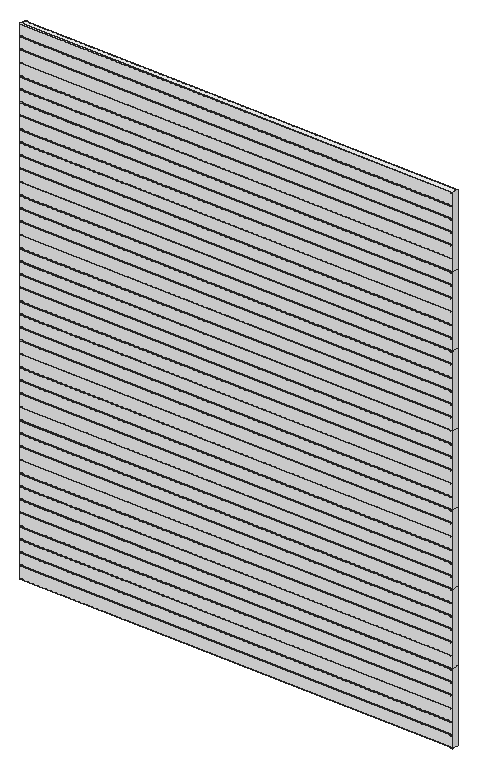
Revit family "3722-1Basic", category Doors, host Wall, Revit 2024
Family settings
  Host = Wall
  OmniClass Number = 23.30.10.17.37.14
  OmniClass Title = Sectional Overhead Doors
  Always vertical = Yes
  Cut with Voids When Loaded = No
  Shared = No
  Room Calculation Point = No
Parameters (values of type "By Type")
  Windload = "Doors available rated for various design pressures; consult Clopay for avaialbility and specifications"
  VisSection6 = NumSections = 6  # no
  VisSection5 = NumSections > 4  # yes
  VisSection4 = NumSections > 3  # yes
  VisSection3 = NumSections > 2  # yes
  VisArray = NumSections > 6  # yes
  URL = "www.clopaydoor.com"
  Track = "Galvanized steel (gauge varies according to door size)"
  Thickness = 0' - 2"  # constant formula
  Spec Wizard = "http://www.arcat.com/specwizard/08360clo/index.htm"
  Section Height = Height / NumSections  # 2' - 0"
  Section 5 Glazing = Section : Solid
  Section 4 Glazing = Section : Solid
  Section 3 Glazing = Section : Solid
  Sales Information = "http://www.clopaydoor.com/where-to-buy.aspx?type=dealer"
  Rough Width = 0' - 0"  # constant formula
  Rough Height = 0' - 0"  # constant formula
  R-Value = "17.2"
  Product Features and Benefits = "http://www.clopaydoor.com/insulated-polyurethane-applications.aspx"
  Overlapping Jamb = yes
  Overlap = if(Overlapping Jamb, 0' 1", 0' 0")  # 0' - 1"
  Opening Width = 12' - 0"
  Opening Height = 14' - 0"
  Omniclass Table = "23-30 10 17 37 "
  NumSectionsNotRounded = Height / 2' 0"  # 7
  NumSections = NumSectionsNotRounded + 0.4999  # 7
  NumArraySections = if(NumSections > 6, NumSections - 5, 2)  # 2
  Model = "3720"
  Maximum Size = "Maximum 32' 2'' wide by 26' 0'' high. Additional limitations may apply do to door weight. Consult Clopay for specificiations and shop drawings."  # constant formula
  Manufacturer Website = "http://www.clopaydoor.com"
  Manufacturer Phone Number = "1-800-526-4301"
  Manufacturer Address = "1400 W. Market St., Troy, OH 45373"
  Manufacturer = "Clopay Building Products Company"
  LEED = "http://products.construction.com/swts_content_files/151607/303186.pdf"
  Keynote = "08 36 13"
  Interior Steel = "28 ga. galvanized, primed, and finish painted"
  Hardware = "14 ga. min. steel hinges; 10-ball steel rollers"
  GreenFormat = "http://www.greenformat.com/products/1536-Polyurethane%20Insulated%20Doors.rtf"
  Function = Interior
  Height = Opening Height + Rough Width * 0  # 14' - 0"
  Wall Closure = By host
  Width = Opening Width + Rough Width * 0  # 12' - 0"
  FloorToSection7 = 6 * Section Height  # 12' - 0"
  FloorToSection6 = 5 * Section Height  # 10' - 0"
  FloorToSection5 = 4 * Section Height  # 8' - 0"
  FloorToSection4 = 3 * Section Height  # 6' - 0"
  FloorToSection3 = 2 * Section Height  # 4' - 0"
  FloorToSection2 = Section Height  # 2' - 0"
  File Revision = "02 (August, 2012)"
  Exterior Steel = "20 ga. galvanized, primed, and finish painted"
  Double End Stiles = Door Width > 14' 2"  # no
  Door Width = Opening Width + Overlap * 2  # 12' - 2"
  Door Height = Opening Height + Rough Width * 0  # 14' - 0"
  Description = "2'' thick polyurethane insulated, stucco embossed 20 gauge steel flush exterior."
  Core Material = "Expanded polyurethane"
  Copyright = "2010, Clopay Building Products Company, Inc."
  Color = White
  CAD and Specifications = "http://www.clopaydoor.com/insulated-polyurethane-specs.aspx"
  Assembly Code = "B2030410"
Reference planes (in)
  plane 1 "Center (Front/Back)": y = 0
  plane 2 "Center (Left/Right)": x = 0
  plane 3 "Left": x = -72
  plane 4 "Right": x = 72
  plane 5 "Top": z = 168
  plane 6 "Exterior": y = 3
  plane 7 "Interior": y = -3
  plane 8: z = 120
  plane 9: z = 144
Lines and regions (in)
  Opening 1
    outline origin (-90, -3, 0) x (1, 0, 0) y (0, 0, 1)
      loop
        line (18, 0) -> (162, 0) -> (162, 168) -> (18, 168) -> (18, 0)
Text (in)
  text "Exterior" at (-74.96733, 27.31104, 0), in view "Ref. Level"
  text "Interior" at (-74.96733, -25.14366, 0), in view "Ref. Level"
  text "Exterior" at (0, 40.15149, 123.01588), in view "Right"
  text "Interior" at (0, -64.39139, 123.01588), in view "Right"
  text "Interior" at (0, -31.01599, 123.00693), in view "Left"
  text "Exterior" at (0, 54.57065, 123.00693), in view "Left"
Dimensions and locks (in)
  equal spacing: plane 3 "Left", plane 2 "Center (Left/Right)", plane 4 "Right"
  "Height": level to plane 5 "Top"
  "Width": plane 3 "Left" to plane 4 "Right"
  host wall to plane 5 "Top" = 14' - 0"
  nested 1 to plane 7 "Interior" = 0' - 0 1/2"
  "FloorToSection6": plane 8 to level
  "FloorToSection7": plane 9 to level
  group 1 to group 2 = 0' - 0"  (x2)
  group 1 to group 2 = 2' - 0"
  host wall to host wall = 67' - 6"
  aligned and locked: plane 3 "Left" to Opening 1 sketch curve
  aligned and locked: plane 5 "Top" to Opening 1 sketch curve  (x2)
  aligned and locked: Opening 1 sketch curve to plane 4 "Right"
  aligned and locked: Opening 1 sketch curve to level
  aligned and locked: plane 6 "Exterior" to host wall
  aligned and locked: host wall to plane 7 "Interior"
  aligned and locked: plane 2 "Center (Left/Right)" to nested 2
  aligned and locked: plane 2 "Center (Left/Right)" to nested 3
  aligned and locked: plane 2 "Center (Left/Right)" to nested 4
  aligned and locked: plane 2 "Center (Left/Right)" to nested 5
  aligned and locked: plane 2 "Center (Left/Right)" to nested 7
  aligned and locked: nested 7 to plane 8
  aligned and locked: nested 8 to plane 9
  aligned and locked: plane 7 "Interior" to nested 2
  aligned and locked: plane 7 "Interior" to nested 7
  aligned and locked: host wall to nested 8
  aligned and locked: plane 7 "Interior" to nested 3
  aligned and locked: host wall to nested 3
  aligned and locked: plane 7 "Interior" to nested 1
  aligned and locked: nested 2 to host wall
  aligned and locked: plane 7 "Interior" to nested 6
  aligned and locked: plane 7 "Interior" to nested 5
  aligned and locked: host wall to nested 7
  aligned and locked: plane 7 "Interior" to nested 4
Nested families (in)
  nested 1: "Section" at (0, 0, 0), type "Solid"
  nested 2: "Section" at (0, 0, 24), built-in parameter 1001364 <- "Section Height", type "Solid"
  nested 3: "Section" at (0, 0, 48), type <- "Section 3 Glazing", built-in parameter 1001364 <- "FloorToSection3", visible <- "VisSection3", type "Solid"
  nested 4: "Section" at (0, 0, 120), built-in parameter 1001364 <- "FloorToSection6", visible <- "VisSection6", type "Solid"
  nested 5: "Section" at (0, 0, 96), built-in parameter 1001364 <- "FloorToSection5", type <- "Section 5 Glazing", visible <- "VisSection5", type "Solid"
  nested 6: "Section" at (0, 0, 72), type <- "Section 4 Glazing", built-in parameter 1001364 <- "FloorToSection4", visible <- "VisSection4", type "Solid"
  nested 7: "Section" at (0, 0, 120), visible <- "VisArray", type "Solid"
  nested 8: "Section" at (0, 0, 144), visible <- "VisArray", type "Solid"
Definition of nested family "Section"
  Parameters
    X9 = if(if(NumArrayedWindows < NumWindows, NumArrayedWindows + 1, NumWindows) < 9, X1, X8 + 3' 8")  # 1' - 5 1/2"
    X8 = if(if(NumArrayedWindows < NumWindows, NumArrayedWindows + 1, NumWindows) < 8, X1, X7 + 3' 8")  # 1' - 5 1/2"
    X7 = if(if(NumArrayedWindows < NumWindows, NumArrayedWindows + 1, NumWindows) < 7, X1, X6 + 3' 8")  # 1' - 5 1/2"
    X6 = if(if(NumArrayedWindows < NumWindows, NumArrayedWindows + 1, NumWindows) < 6, X1, X5 + 3' 8")  # 1' - 5 1/2"
    X5 = if(if(NumArrayedWindows < NumWindows, NumArrayedWindows + 1, NumWindows) < 5, X1, X4 + 3' 8")  # 1' - 5 1/2"
    X4 = if(if(NumArrayedWindows < NumWindows, NumArrayedWindows + 1, NumWindows) < 4, X1, X3 + 3' 8")  # 1' - 5 1/2"
    X3 = if(NumWindows < 3, X1, X2 + 3' 8")  # 8' - 9 1/2"
    X2 = if(NumWindows < 2, ((Door Width - (NumWindows - 1) * 3' 8") / 2 - Cutout Width / 2), ((Door Width - (NumWindows - 1) * 3' 8") / 2 - Cutout Width / 2) + 3' 8")  # 5' - 1 1/2"
    WindowVis = no
    WindowCutDepth = -0' - 0 13/128"
    Section Height = 2' - 0"
    RibSpacing = Section Height / (NumRibs + 1)  # 0' - 4"
    NumWindows = if(Door Width < 9' 4", 2, if(Door Width < 13' 4", 3, if(Door Width < 16' 4", 4, if(Door Width < 20' 4", 5, if(Door Width < 24' 4", 6, if(Door Width < 26' 4", 7, if(Door Width < 31' 8", 8, 10)))))))  # 3
    NumRibs = if(Section Height < 1' 9", 3, if(Section Height < 2' 0", 4, 5))  # 5
    NumArrayedWindows = if(X2 = X1, NumWindows - 2, NumWindows)  # 3
    Half Section Height = Section Height / 2  # 1' - 0"
    Half Door Width Neg = -Half Door Width  # -6' - 1"
    Half Door Width = Door Width / 2  # 6' - 1"
    Half Cutout Height = Cutout Height / 2  # 0' - 3 1/2"
    Function = (empty or 0)
    Height = 0' - 0"
    Wall Closure = (empty or 0)
    Width = 0' - 0"
    X1 = if(or(Door Width > 31' 6", and(Door Width > 26' 2", Door Width < 28' 1"), Door Width = 24' 3", Door Width = 24' 4", and(Door Width > 20' 2", Door Width < 20' 11"), and(Door Width > 16' 2", Door Width < 17' 3")), X2, (Door Width - (NumWindows - 1) * 3' 8") / 2 - Cutout Width / 2)  # 1' - 5 1/2"
    Door Width = 12' - 2"
    CutoutToCutout = 1' - 0"
    Cutout Width = 1' - 11"
    Cutout Height = 0' - 7"
    Color = none
    BtmTo1stRib = RibSpacing  # 0' - 4"
    Assembly Code = ""
  Reference planes (in)
    plane 1 "Center (Front/Back)": y = 0
    plane 2 "Center (Left/Right)": x = 0
    plane 3 "Exterior": y = 3
    plane 4 "Interior": y = -3
    plane 5: y = -3.5
    plane 6: x = 73
    plane 7: x = -73
    plane 8: z = 4
    plane 9: z = 8
    plane 10: z = 24
    plane 11: z = 12
    plane 12: z = 0
  Forms (in)
    Extrusion 1, solid, material <- "Color"
      sketch origin (-73, -12, 83.08252) x (0, 0, 1) y (0, -1, 0)
        loop
          line (-59.08252, -8.37573) -> (-59.08252, -6.62444)
          arc (-59.08252, -6.62444) -> (-59.11897, -6.53645) -> (-59.20696, -6.5) r 0.12444
          line (-59.20696, -6.5) -> (-82.95809, -6.5)
          arc (-82.95809, -6.5) -> (-83.04608, -6.53645) -> (-83.08252, -6.62444) r 0.12444
          line (-83.08252, -6.62444) -> (-83.08252, -8.37573)
          arc (-83.08252, -8.37573) -> (-83.04612, -8.4636) -> (-82.95825, -8.5) r 0.12427
          line (-82.95825, -8.5) -> (-59.20679, -8.5)
          arc (-59.20679, -8.5) -> (-59.11892, -8.4636) -> (-59.08252, -8.37573) r 0.12427
      from 0 to 146 <- "Door Width"
    Extrusion 2, void
      sketch origin (0, -8.99984, -0.5) x (0, 1, 0) y (0, 0, -1)
        loop
          line (3.5, -4.62727) -> (3.53032, -4.58058)
          arc (3.53032, -4.58058) -> (3.53753, -4.56494) -> (3.54, -4.5479) r 0.06
          line (3.54, -4.5479) -> (3.54, -4.4521)
          arc (3.54, -4.4521) -> (3.53753, -4.43506) -> (3.53032, -4.41942) r 0.06
          line (3.53032, -4.41942) -> (3.5, -4.37273) -> (3.5, -4.62727)
      from -73 <- "Half Door Width Neg" to 146 <- "Door Width"
    Extrusion 3, void
      sketch origin (0, -8.99984, 3.5) x (0, 1, 0) y (0, 0, -1)
        loop
          line (3.5, -4.62727) -> (3.53032, -4.58058)
          arc (3.53032, -4.58058) -> (3.53753, -4.56494) -> (3.54, -4.5479) r 0.06
          line (3.54, -4.5479) -> (3.54, -4.4521)
          arc (3.54, -4.4521) -> (3.53753, -4.43506) -> (3.53032, -4.41942) r 0.06
          line (3.53032, -4.41942) -> (3.5, -4.37273) -> (3.5, -4.62727)
      from -73 <- "Half Door Width Neg" to 146 <- "Door Width"
    Extrusion 4, void
      sketch origin (0, -8.99984, 7.5) x (0, 1, 0) y (0, 0, -1)
        loop
          line (3.5, -4.62727) -> (3.53032, -4.58058)
          arc (3.53032, -4.58058) -> (3.53753, -4.56494) -> (3.54, -4.5479) r 0.06
          line (3.54, -4.5479) -> (3.54, -4.4521)
          arc (3.54, -4.4521) -> (3.53753, -4.43506) -> (3.53032, -4.41942) r 0.06
          line (3.53032, -4.41942) -> (3.5, -4.37273) -> (3.5, -4.62727)
      from -73 <- "Half Door Width Neg" to 146 <- "Door Width"
    Extrusion 5, void
      sketch origin (0, -8.99984, 11.5) x (0, 1, 0) y (0, 0, -1)
        loop
          line (3.5, -4.62727) -> (3.53032, -4.58058)
          arc (3.53032, -4.58058) -> (3.53753, -4.56494) -> (3.54, -4.5479) r 0.06
          line (3.54, -4.5479) -> (3.54, -4.4521)
          arc (3.54, -4.4521) -> (3.53753, -4.43506) -> (3.53032, -4.41942) r 0.06
          line (3.53032, -4.41942) -> (3.5, -4.37273) -> (3.5, -4.62727)
      from -73 <- "Half Door Width Neg" to 146 <- "Door Width"
    Extrusion 6, void
      sketch origin (0, -8.99984, 15.5) x (0, 1, 0) y (0, 0, -1)
        loop
          line (3.5, -4.62727) -> (3.53032, -4.58058)
          arc (3.53032, -4.58058) -> (3.53753, -4.56494) -> (3.54, -4.5479) r 0.06
          line (3.54, -4.5479) -> (3.54, -4.4521)
          arc (3.54, -4.4521) -> (3.53753, -4.43506) -> (3.53032, -4.41942) r 0.06
          line (3.53032, -4.41942) -> (3.5, -4.37273) -> (3.5, -4.62727)
      from -73 <- "Half Door Width Neg" to 146 <- "Door Width"
  Cuts and joins
    Extrusion 2, Extrusion 3, Extrusion 4, Extrusion 5, Extrusion 6 cuts Extrusion 1
  Lines and regions (in)
    reference lines
      curve 1: line (-72, -5.45984, 4) -> (-72, -5.49984, 4)
      curve 2: line (-72, -5.45984, 4) -> (-72, -5.49984, 4)
      curve 3: line (-72, -5.45984, 8) -> (-72, -5.49984, 8)
      curve 4: line (-72, -5.45984, 12) -> (-72, -5.49984, 12)
      curve 5: line (-72, -5.45984, 16) -> (-72, -5.49984, 16)
      curve 6: line (-72, -5.45984, 20) -> (-72, -5.49984, 20)
  Text (in)
    text "Exterior" at (-74.96733, 27.31104, 0), in view "Ref. Level"
    text "Interior" at (-74.96733, -25.14366, 0), in view "Ref. Level"
    text "Exterior" at (0, 40.15149, 123.01588), in view "Right"
    text "Interior" at (0, -64.39139, 123.01588), in view "Right"
    text "Interior" at (0, -31.01599, 123.00693), in view "Left"
    text "Exterior" at (0, 54.57065, 123.00693), in view "Left"
  Dimensions and locks (in)
    plane 4 "Interior" to plane 5 = 0' - 0 1/2"
    "Half Door Width": plane 2 "Center (Left/Right)" to plane 7
    "Half Door Width": plane 6 to plane 2 "Center (Left/Right)"
    Extrusion 1 sketch curve to Extrusion 1 sketch curve = 0' - 2"
    "BtmTo1stRib": plane 8 to level
    "RibSpacing": plane 9 to plane 8
    "Section Height": plane 10 to level
    Extrusion 2 sketch curve to Extrusion 2 sketch curve = 0' - 0.25454"
    Extrusion 2 sketch curve to Extrusion 2 sketch curve = 0' - 0.04"  (x2)
    Extrusion 2 sketch curve to curve 2 = 0' - 0.12727"
    "Half Section Height": level to plane 11
    locked: plane 4 "Interior" to cut or joined group of Extrusion 1, Extrusion 2, Extrusion 3, Extrusion 4, Extrusion 5, Extrusion 6 at 0.5
    Extrusion 3 sketch curve to Extrusion 3 sketch curve = 0' - 0.25454"
    Extrusion 3 sketch curve to Extrusion 3 sketch curve = 0' - 0.04"  (x2)
    Extrusion 3 sketch curve to curve 3 = 0' - 0.12727"
    equal spacing: group 1, group 2, group 3, group 4, group 5  (x3)
    Extrusion 4 sketch curve to Extrusion 4 sketch curve = 0' - 0.25454"
    Extrusion 4 sketch curve to Extrusion 4 sketch curve = 0' - 0.04"  (x2)
    Extrusion 4 sketch curve to curve 4 = 0' - 0.12727"
    Extrusion 5 sketch curve to Extrusion 5 sketch curve = 0' - 0.25454"
    Extrusion 5 sketch curve to Extrusion 5 sketch curve = 0' - 0.04"  (x2)
    Extrusion 5 sketch curve to curve 5 = 0' - 0.12727"
    Extrusion 6 sketch curve to Extrusion 6 sketch curve = 0' - 0.25454"
    Extrusion 6 sketch curve to Extrusion 6 sketch curve = 0' - 0.04"  (x2)
    Extrusion 6 sketch curve to curve 6 = 0' - 0.12727"
    radius of Extrusion 1 sketch curve = 0' - 0.12427"  (x2)
    radius of Extrusion 1 sketch curve = 0' - 0.12444"  (x2)
    angle Extrusion 2 sketch curve to Extrusion 2 sketch curve = 147.00°  (x2)
    angle Extrusion 3 sketch curve to Extrusion 3 sketch curve = 147.00°  (x2)
    angle Extrusion 4 sketch curve to Extrusion 4 sketch curve = 147.00°  (x2)
    angle Extrusion 5 sketch curve to Extrusion 5 sketch curve = 147.00°  (x2)
    angle Extrusion 6 sketch curve to Extrusion 6 sketch curve = 147.00°  (x2)
    aligned and locked: Extrusion 1 sketch curve to plane 5
    aligned: cut or joined group of Extrusion 1, Extrusion 2, Extrusion 3, Extrusion 4, Extrusion 5, Extrusion 6 to cut or joined group of Extrusion 1, Extrusion 2, Extrusion 3, Extrusion 4, Extrusion 5, Extrusion 6  (x9)
    aligned and locked: plane 12 to level
    aligned and locked: curve 3 to plane 9
    aligned and locked: curve 2 to plane 8
  Automatic sketch dimensions
    curve 1 to curve 1 = 0' - 0.04"  (x2)
    curve 2 to curve 2 = 0' - 0.04"
    Extrusion 2 sketch curve to Extrusion 2 sketch curve = 0' - 0"
    Extrusion 2 sketch curve to Extrusion 2 sketch curve = 0' - 0.02"
    Extrusion 2 sketch curve to Extrusion 2 sketch curve = 0' - 0.00968"  (x2)
    curve 1 to plane 8 = 0' - 0"
    Extrusion 1 sketch curve to plane 10 = 0' - 0"
    Extrusion 1 sketch curve to level = 0' - 0"
    curve 1 to plane 5 = 0' - 1.95984"
    Extrusion 3 sketch curve to Extrusion 3 sketch curve = 0' - 0"
    Extrusion 3 sketch curve to Extrusion 3 sketch curve = 0' - 0.02"
    Extrusion 3 sketch curve to Extrusion 3 sketch curve = 0' - 0.00968"  (x2)
    Extrusion 4 sketch curve to Extrusion 4 sketch curve = 0' - 0"
    Extrusion 4 sketch curve to Extrusion 4 sketch curve = 0' - 0.02"
    Extrusion 4 sketch curve to Extrusion 4 sketch curve = 0' - 0.00968"  (x2)
    Extrusion 5 sketch curve to Extrusion 5 sketch curve = 0' - 0"
    Extrusion 5 sketch curve to Extrusion 5 sketch curve = 0' - 0.02"
    Extrusion 5 sketch curve to Extrusion 5 sketch curve = 0' - 0.00968"  (x2)
    Extrusion 6 sketch curve to Extrusion 6 sketch curve = 0' - 0"
    Extrusion 6 sketch curve to Extrusion 6 sketch curve = 0' - 0.02"
    Extrusion 6 sketch curve to Extrusion 6 sketch curve = 0' - 0.00968"  (x2)
